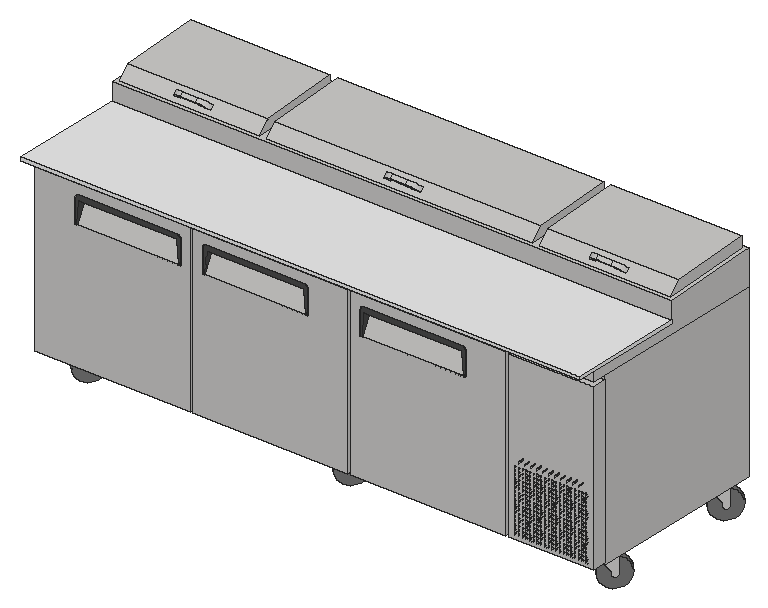
Revit family "QF_Turbo Air_TPR-93SD", category Specialty Equipment, Revit 2012 (continued)
Automatic sketch dimensions
  plane 28 "Handle Center Right Lid" to Extrusion 6 sketch curve = 0' - 0.82767"
  Extrusion 6 sketch curve to Extrusion 6 sketch curve = 0' - 0.11612"  (x9)
  Extrusion 6 sketch curve to Extrusion 6 sketch curve = 0' - 0.82322"  (x9)
  Extrusion 6 sketch curve to plane 20 "Right of Right Lid" = 0' - 0 1/4"  (x17)
  plane 16 "Bottom of Door" to Extrusion 6 sketch curve = 0' - 0 5/8"  (x2)
  Extrusion 6 sketch curve to Extrusion 6 sketch curve = 0' - 0.55806"  (x11)
  Extrusion 6 sketch curve to Extrusion 6 sketch curve = 0' - 0.53033"  (x10)
  Extrusion 12 sketch curve to Extrusion 12 sketch curve = 0' - 0"
  Extrusion 12 sketch curve to Extrusion 12 sketch curve = 0' - 0.6"
  Extrusion 12 sketch curve to Extrusion 12 sketch curve = 0' - 0 1/2"
  Extrusion 13 sketch curve to plane 24 "Right of Right Door" = 0' - 0"
  plane 8 "Left of Compressor" to Extrusion 13 sketch curve = 0' - 0 1/2"
  Extrusion 13 sketch curve to Extrusion 13 sketch curve = 0' - 0 1/2"  (x3)
  Extrusion 13 sketch curve to Extrusion 13 sketch curve = 0' - 0 3/4"
  plane 28 "Handle Center Right Lid" to Extrusion 13 sketch curve = 0' - 1 1/4"
  Extrusion 13 sketch curve to Extrusion 13 sketch curve = 0' - 0 1/4"
  Extrusion 13 sketch curve to Extrusion 13 sketch curve = 0' - 1"
  Extrusion 13 sketch curve to Extrusion 13 sketch curve = 0' - 0"
  Extrusion 13 sketch curve to Extrusion 13 sketch curve = 0' - 0.6"
  Extrusion 14 sketch curve to plane 11 "TOP" = 0' - 0"
  Extrusion 14 sketch curve to plane 7 "Front of Pans" = 0' - 0.71732"
  Extrusion 14 sketch curve to plane 23 "Handle Center FB" = 0' - 0.80381"
  plane 1 "BACK" to Extrusion 14 sketch curve = 0' - 0.54382"
  plane 22 "Handle Elevation" to Extrusion 14 sketch curve = 0' - 0.01689"
  plane 1 "BACK" to Extrusion 14 sketch curve = 0' - 0.43665"
  Extrusion 15 sketch curve to plane 7 "Front of Pans" = 0' - 0.71732"
  Extrusion 15 sketch curve to plane 12 "Door Clearance" = 0' - 1.14422"
  Extrusion 15 sketch curve to plane 23 "Handle Center FB" = 0' - 5.17831"
  Extrusion 15 sketch curve to plane 12 "Door Clearance" = 0' - 1.50017"
  Extrusion 15 sketch curve to Extrusion 15 sketch curve = 0' - 2.4036"
  plane 22 "Handle Elevation" to Extrusion 15 sketch curve = 0' - 0.07691"
  plane 22 "Handle Elevation" to Extrusion 15 sketch curve = 0' - 0.01689"
  plane 17 "Back Stops" to Extrusion 15 sketch curve = 0' - 0.05688"
  Extrusion 16 sketch curve to plane 21 "Handle Center of Left Lid" = 0' - 3"
  Extrusion 16 sketch curve to Extrusion 16 sketch curve = 0' - 1"  (x2)
  Extrusion 16 sketch curve to Extrusion 16 sketch curve = 0' - 0 1/2"  (x3)
  Extrusion 16 sketch curve to Extrusion 16 sketch curve = 0' - 0 3/4"
  plane 21 "Handle Center of Left Lid" to Extrusion 16 sketch curve = 0' - 1 1/4"
  Extrusion 16 sketch curve to Extrusion 16 sketch curve = 0' - 0 1/4"
  Extrusion 16 sketch curve to Extrusion 16 sketch curve = 0' - 0"
  Extrusion 16 sketch curve to Extrusion 16 sketch curve = 0' - 0.6"
  Extrusion 17 sketch curve to plane 11 "TOP" = 0' - 0"
  Extrusion 17 sketch curve to plane 7 "Front of Pans" = 0' - 0.71732"
  Extrusion 17 sketch curve to plane 23 "Handle Center FB" = 0' - 0.80381"
  Extrusion 17 sketch curve to plane 12 "Door Clearance" = 0' - 1.14422"
  Extrusion 17 sketch curve to plane 23 "Handle Center FB" = 0' - 5.17831"
  Extrusion 17 sketch curve to plane 12 "Door Clearance" = 0' - 1.50017"
  Extrusion 17 sketch curve to Extrusion 17 sketch curve = 0' - 2.4036"
  plane 22 "Handle Elevation" to Extrusion 17 sketch curve = 0' - 0.07691"
  plane 1 "BACK" to Extrusion 17 sketch curve = 0' - 0.5658"
  plane 1 "BACK" to Extrusion 17 sketch curve = 0' - 0.54382"
  plane 22 "Handle Elevation" to Extrusion 17 sketch curve = 0' - 0.01689"
  Extrusion 17 sketch curve to Extrusion 17 sketch curve = 0' - 0.12915"
  plane 17 "Back Stops" to Extrusion 17 sketch curve = 0' - 0.05688"
  Extrusion 18 sketch curve to plane 11 "TOP" = 0' - 0"
  Extrusion 18 sketch curve to plane 7 "Front of Pans" = 0' - 0.71732"
  Extrusion 18 sketch curve to plane 23 "Handle Center FB" = 0' - 0.80381"
  plane 1 "BACK" to Extrusion 18 sketch curve = 0' - 0.54382"
  plane 22 "Handle Elevation" to Extrusion 18 sketch curve = 0' - 0.01689"
  plane 1 "BACK" to Extrusion 18 sketch curve = 0' - 0.43665"
  Extrusion 19 sketch curve to plane 31 "Handle Center Middle Lid" = 0' - 3"
  Extrusion 19 sketch curve to Extrusion 19 sketch curve = 0' - 1"  (x2)
  Extrusion 19 sketch curve to Extrusion 19 sketch curve = 0' - 0 1/2"  (x3)
  Extrusion 19 sketch curve to Extrusion 19 sketch curve = 0' - 0 3/4"
  plane 31 "Handle Center Middle Lid" to Extrusion 19 sketch curve = 0' - 1 1/4"
  Extrusion 19 sketch curve to Extrusion 19 sketch curve = 0' - 0 1/4"
  Extrusion 19 sketch curve to Extrusion 19 sketch curve = 0' - 0"
  Extrusion 19 sketch curve to Extrusion 19 sketch curve = 0' - 0.6"
  Extrusion 20 sketch curve to plane 31 "Handle Center Middle Lid" = 0' - 3"
  Extrusion 20 sketch curve to Extrusion 20 sketch curve = 0' - 1"  (x2)
  Extrusion 20 sketch curve to Extrusion 20 sketch curve = 0' - 0 1/2"  (x3)
  Extrusion 20 sketch curve to Extrusion 20 sketch curve = 0' - 0 3/4"
  plane 31 "Handle Center Middle Lid" to Extrusion 20 sketch curve = 0' - 1 1/4"
  Extrusion 20 sketch curve to Extrusion 20 sketch curve = 0' - 0 1/4"
  Extrusion 20 sketch curve to Extrusion 20 sketch curve = 0' - 0"
  Extrusion 20 sketch curve to Extrusion 20 sketch curve = 0' - 0.6"
  Extrusion 21 sketch curve to plane 11 "TOP" = 0' - 0"
  Extrusion 21 sketch curve to plane 7 "Front of Pans" = 0' - 0.71732"
  Extrusion 21 sketch curve to plane 23 "Handle Center FB" = 0' - 0.80381"
  Extrusion 21 sketch curve to plane 12 "Door Clearance" = 0' - 1.14422"
  Extrusion 21 sketch curve to plane 23 "Handle Center FB" = 0' - 5.17831"
  Extrusion 21 sketch curve to plane 12 "Door Clearance" = 0' - 1.50017"
  Extrusion 21 sketch curve to Extrusion 21 sketch curve = 0' - 2.4036"
  plane 22 "Handle Elevation" to Extrusion 21 sketch curve = 0' - 0.07691"
  plane 1 "BACK" to Extrusion 21 sketch curve = 0' - 0.5658"
  plane 1 "BACK" to Extrusion 21 sketch curve = 0' - 0.54382"
  plane 22 "Handle Elevation" to Extrusion 21 sketch curve = 0' - 0.01689"
  Extrusion 21 sketch curve to Extrusion 21 sketch curve = 0' - 0.12915"
  plane 17 "Back Stops" to Extrusion 21 sketch curve = 0' - 0.05688"
  curve 160 to curve 260 = 0' - 0.52435"
  curve 260 to plane 7 "Front of Pans" = 0' - 0.71732"
  radius of Extrusion 9 sketch curve = 0' - 0 5/8"  (x2)
  radius of Extrusion 10 sketch curve = 0' - 0 1/4"
Nested families (in)
  nested 1: "QF_Turbo Air_TBL_Door-1" at (-5.61177, -30.4375, 6.125), type "QF_Turbo Air_TBL_Door-1"
    with Width 2' - 2", Symbolic Lines no, Height 2' - 3 7/16", Depth 0' - 1 13/16"
  nested 2: "FESCasterLeg" at (-17.97594, -3.1875, 0), Legs <- "Legs", Casters <- "Casters", Height <- "CasterLeg Height", type "FESCasterLeg"
    with Legs no, Height 0' - 5 7/8", Casters yes, Caster Radius 0' - 2 7/16"
  nested 3: "FESCasterLeg" at (-17.97594, -26.375, 0), Legs <- "Legs", Casters <- "Casters", Height <- "CasterLeg Height", type "FESCasterLeg"
    with Legs no, Height 0' - 5 7/8", Casters yes, Caster Radius 0' - 2 7/16"
  nested 4: "FESCasterLeg" at (69.77406, -3.1875, 0), Legs <- "Legs", Casters <- "Casters", Height <- "CasterLeg Height", type "FESCasterLeg"
    with Legs no, Height 0' - 5 7/8", Casters yes, Caster Radius 0' - 2 7/16"
  nested 5: "FESCasterLeg" at (69.77406, -26.375, 0), Legs <- "Legs", Casters <- "Casters", Height <- "CasterLeg Height", type "FESCasterLeg"
    with Legs no, Height 0' - 5 7/8", Casters yes, Caster Radius 0' - 2 7/16"
  nested 6: "QF_Turbo Air_TBL_Door-1" at (42.78489, -30.4375, 6.125) x (-1, 0, 0) z (0, 0, 1), type "QF_Turbo Air_TBL_Door-1"
    with Width 2' - 2", Symbolic Lines no, Height 2' - 3 7/16", Handle Width 1' - 5 5/8", Depth 0' - 1 13/16"
  nested 7: "QF_Turbo Air_TBL_Door-1" at (16.40989, -30.4375, 6.125) x (-1, 0, 0) z (0, 0, 1), type "QF_Turbo Air_TBL_Door-1"
    with Width 2' - 2", Symbolic Lines no, Height 2' - 3 7/16", Handle Width 1' - 5 5/8", Depth 0' - 1 13/16"
  nested 8: "FESCasterLeg" at (25.89906, -3.1875, 0), Legs <- "Legs", Casters <- "Casters", Height <- "CasterLeg Height", type "FESCasterLeg"
    with Legs no, Height 0' - 5 7/8", Casters yes, Caster Radius 0' - 2 7/16"
  nested 9: "FESCasterLeg" at (25.89906, -26.375, 0), Legs <- "Legs", Casters <- "Casters", Height <- "CasterLeg Height", type "FESCasterLeg"
    with Legs no, Height 0' - 5 7/8", Casters yes, Caster Radius 0' - 2 7/16"
Connectors (in)
  electrical at (65.52406, 0.0625, 12), driven by "Number of Poles", driven by "Volts", driven by "Apparent Power"
    settings: on Extrusion 10, index 1, voltage 115 V, apparent load 1265 VA, apparent load phase1 0 VA, apparent load phase2 0 VA, apparent load phase3 0 VA, power factor 1, load classification "Other", number of poles 1, system type 30, power factor state 1, is connector primary yes, connector utility no, sub classification motor no, connector description "Electric"
Definition of nested family "QF_Turbo Air_TBL_Door-1"
  Parameters (values of type "QF_Turbo Air_TBL_Door-1")
    Width [instance] = 2' - 5 5/16"
    Watermarked By = "http://revitwatermark.com"
    Symbolic Lines [instance] = yes
    Manufacturer = "Turbo Air"  # constant formula
    Height [instance] = 2' - 3 7/16"
    Handle Width [instance] = 1' - 5 5/8"
    Depth [instance] = 0' - 1 13/16"
  Reference planes (in)
    plane 1 "BACK": y = 0
    plane 2: z = 0
    plane 3 "LEFT": x = -15.17667
    plane 4: x = 14.13583
    plane 5 "FRONT": y = -1.8125
    plane 6: z = 27.4375
    plane 7 "Right of Handle": x = 12.51083
    plane 8 "Left of Handle": x = -5.11417
  Forms (in)
    Extrusion 1, solid, material "QF_Finishes_Black"
      sketch origin (-31.11417, 0, 15.01083) x (0, 0, -1) y (1, 0, 0)
        loop
          arc (-10.23917, 43.625) -> (-10.63691, 43.46025) -> (-10.80167, 43.0625) r 0.5625
          line (-10.80167, 43.0625) -> (-10.80167, 26.5625)
          arc (-10.80167, 26.5625) -> (-10.63691, 26.16475) -> (-10.23917, 26) r 0.5625
          line (-10.23917, 26) -> (-6.30167, 26) -> (-6.30167, 26.34375) -> (-9.98917, 26.66636) -> (-9.98917, 42.95864) -> (-6.30167, 43.28125) -> (-6.30167, 43.625) -> (-10.23917, 43.625)
      from 0 to 1.8125
    Extrusion 2, solid, material "QF_Finishes_Stainless Steel"
      sketch origin (-5.14542, 0, 15.01083) x (0, 1, 0) y (0, 0, 1)
        loop
          line (-1.8125, 6.30167) -> (0, 6.30167) -> (0, 9.98917) -> (-0.47036, 9.98917) -> (-1.8125, 6.30167)
      from 0.375 to 17.3125
    Extrusion 3, solid, material "QF_Finishes_Stainless Steel"
      sketch origin (0, 0, 0) x (1, 0, 0) y (0, 0, 1)
        loop
          line (-15.17667, 27.4375) -> (-15.17667, 0) -> (14.13583, 0) -> (14.13583, 27.4375) -> (-15.17667, 27.4375)
        loop
          arc (-4.55167, 25.8125) -> (-4.94941, 25.64775) -> (-5.11417, 25.25) r 0.5625
          line (-5.11417, 25.25) -> (-5.11417, 21.3125) -> (12.51083, 21.3125) -> (12.51083, 25.25)
          arc (12.51083, 25.25) -> (12.34608, 25.64775) -> (11.94833, 25.8125) r 0.5625
          line (11.94833, 25.8125) -> (-4.55167, 25.8125)
      from 0 to 1.8125
  Lines and regions (in)
    symbolic lines, visible <- "Symbolic Lines"
      curve 1: line (-15.17667, 0, 25.96875) -> (14.13583, 0, 25.96875)
      curve 2: line (-15.17667, -1.8125, 25.96875) -> (-15.17667, 0, 25.96875)
      curve 3: line (14.13583, -1.8125, 25.96875) -> (-15.17667, -1.8125, 25.96875)
      curve 4: line (14.13583, 0, 25.96875) -> (14.13583, -1.8125, 25.96875)
  Dimensions and locks (in)
    "Width": plane 4 to plane 3 "LEFT"
    "Depth": plane 5 "FRONT" to plane 1 "BACK"
    "Height": plane 6 to plane 2
    locked: Extrusion 3 sketch curve to Extrusion 3 sketch curve at 4.5
    locked: plane 6 to Extrusion 3 sketch curve at 1.625
    locked: plane 6 to Extrusion 1 sketch curve at 1.625
    locked: Extrusion 1 sketch curve to Extrusion 1 sketch curve at 0.8125
    locked: Extrusion 1 sketch curve to Extrusion 1 sketch curve at 4.5  (x2)
    locked: plane 6 to Extrusion 2 sketch curve at 2.4375
    locked: Extrusion 2 sketch curve to Extrusion 2 sketch curve at 3.6875
    locked: Extrusion 2 sketch curve to plane 5 "FRONT" at 1.34214
    locked: plane 7 "Right of Handle" to plane 4 at 1.625
    "Handle Width": plane 8 "Left of Handle" to plane 7 "Right of Handle"
    locked: Extrusion 1 sketch curve to plane 8 "Left of Handle" at 0.34375
    locked: Extrusion 1 sketch curve to plane 8 "Left of Handle" at 0.66636
    locked: Extrusion 1 sketch curve to plane 8 "Left of Handle" at 0.5625
    locked: plane 7 "Right of Handle" to Extrusion 1 sketch curve at 0.34375
    locked: plane 7 "Right of Handle" to Extrusion 1 sketch curve at 0.66636
    locked: plane 7 "Right of Handle" to Extrusion 1 sketch curve at 0.5625
    locked: plane 8 "Left of Handle" to Extrusion 2 at 0.34375
    locked: plane 7 "Right of Handle" to Extrusion 2 at 0.34375
    aligned and locked: level to plane 2
    aligned and locked: Extrusion 3 sketch curve to plane 6
    aligned and locked: plane 3 "LEFT" to Extrusion 3 sketch curve
    aligned and locked: level to Extrusion 3 sketch curve
    aligned and locked: Extrusion 3 sketch curve to plane 4
    aligned and locked: plane 5 "FRONT" to Extrusion 3
    aligned and locked: Extrusion 2 sketch curve to plane 1 "BACK"
    aligned and locked: plane 1 "BACK" to curve 1
    aligned and locked: plane 3 "LEFT" to curve 2
    aligned and locked: curve 3 to plane 5 "FRONT"
    aligned and locked: curve 4 to plane 4
    aligned and locked: Extrusion 3 sketch curve to plane 7 "Right of Handle"
    aligned and locked: Extrusion 3 sketch curve to plane 8 "Left of Handle"
    aligned and locked: Extrusion 1 sketch curve to plane 7 "Right of Handle"
    aligned and locked: plane 8 "Left of Handle" to Extrusion 1 sketch curve
  Automatic sketch dimensions
    Extrusion 3 sketch curve to Extrusion 3 sketch curve = 0' - 0 9/16"  (x2)
    Extrusion 2 sketch curve to plane 5 "FRONT" = 0' - 0"
Definition of nested family "FESCasterLeg"
  Parameters (values of type "FESCasterLeg")
    Watermarked By = "http://revitwatermark.com"
    Type Comments = "⍁⍉⌁⌀⏭⎽⌇⍠⌜⍉⎖⌥⌦⌯⍭⏊⍻⍿⍊⏵⍊⏗⏠⍴⎡⌈⎀⍠⌓⌤⏘⎐⍀⌐⏬⏁⎈⏍⏦⎒⏬⌝⍩⍇⌣〈⎫〉⎁⏊⍥⍖⍥⍝⍦⌖⍀⏌⏭⎝⎼⏷⏞⍻⏯⎽⏷⏞⍻⏯⎽⏷⎺⌻⎝⍎⌧⏷⏟⏿⌿⍜⍦⍤⌁⍬⏶⏎⍊⏚⏉⎞⌡⎀⎪⏈⌟⌿⍾⍼⌟⌿⌢⌞⏜⏝⎽⍷⍷⍯⍧⍷⌯⍽⏸⏨⏾⏎⌣⏺⍹⏼⏅⎏⌽⎫⎪⍙⎓⏗⎗⏅⌴⍏⍏⍿⏑⎺⍘⌭⏲⍥⎛⎾⎾⍞⍌⎪⎲⌙⎥⏏⎟⎟⏼⏘⎏⎝⏧⏍⏁⍏⍧⏯⏾⌟"
    Legs [instance] = yes
    Height [instance] = 0' - 6"
    Caster Radius [instance] = if(Height < 0' 3", 0' 1", (Height / 2) - 0' 0 1/2")  # 0' - 2 1/2"
    Casters [instance] = yes
    Assembly Code = ""
  Reference planes (in)
    plane 1 "Center (Front/Back)": y = 0
    plane 2: z = 0
    plane 3 "Center (Left/Right)": x = 0
    plane 4: z = 6
    plane 5: z = 5.5
  Forms (in)
    Extrusion 1, solid, material "QF_Finishes_Stainless Steel", visible <- "Casters"
      sketch origin (-24.12131, -22.88887, 10.18833) x (0.707107, 0.707107, 0) y (0, 0, 1)
        loop
          line (34.98772, -7.68833) -> (34.98772, -4.93833) -> (34.48772, -4.93833) -> (34.39402, -4.68833) -> (32.39402, -4.68833) -> (32.39402, -5.43833) -> (33.98772, -7.34206) -> (33.98772, -7.68833)
          arc (33.98772, -7.68833) -> (34.48772, -8.18833) -> (34.98772, -7.68833) r 0.5
      from 0 to 1.75
    Extrusion 2, solid, material "QF_Finishes_Rubber Black", visible <- "Casters"
      sketch origin (-24.32327, -23.09083, 13.31461) x (0.707107, 0.707107, 0) y (0, 0, 1)
        loop
          circle (34.77334, -10.81461) r 2.5
      from 0.375 to 1.375
    Extrusion 3, solid, material "QF_Finishes_Stainless Steel", visible <- "Casters"
      sketch origin (-7.24148, -8.48391, 0) x (0.707107, 0.707107, 0) y (0, 0, 1)
        loop
          line (10.61603, 5.5) -> (11.61603, 5.5) -> (11.61603, 6) -> (10.61603, 6) -> (10.61603, 5.5)
      from 0 to -1.75
    Blend 4, solid, material "QF_Finishes_Stainless Steel", visible <- "Legs"
      base sketch origin (0, 0, 0) x (1, 0, 0) y (0, 1, 0)
        loop
          circle (0, 0) r 0.5
      top sketch origin (0, 0, 0) x (1, 0, 0) y (0, 1, 0)
        loop
          circle (0, 0) r 1
      from 0 to 6 <- "Height"
  Lines and regions (in)
    symbolic lines, style "QF_Hidden Details", visible <- "Casters", built-in parameter 1006206 <- "Casters"
      curve 1: line (-1.26158, -0.51911, 0) -> (1.39007, 2.13254, 0)
      curve 2: line (-0.53429, -1.24639, 0) -> (2.11736, 1.40526, 0)
    symbolic lines, style "QF_Hidden Details", built-in parameter 1006206 <- "Casters", visible <- "Casters"
      curve 3: line (-1.26158, -0.51911, 0) -> (1.39007, 2.13254, 0)
      curve 4: line (-0.53429, -1.24639, 0) -> (2.11736, 1.40526, 0)
  Dimensions and locks (in)
    locked: plane 4 to plane 5 at 0.5
    "Height": plane 4 to level
    "Caster Radius": Extrusion 2 sketch curve to level
    "Caster Radius": Extrusion 1 sketch curve to level
    "Caster Radius": radius of Extrusion 2 sketch curve
    aligned and locked: plane 2 to level
    aligned: Blend 4 to Extrusion 3
    aligned and locked: plane 4 to Blend 4
    aligned and locked: Extrusion 3 to plane 5
    aligned and locked: plane 4 to Extrusion 3
    aligned and locked: plane 5 to Extrusion 1
  Automatic sketch dimensions
    plane 1 "Center (Front/Back)" to curve 3 = 0' - 0.51911"
    curve 3 to plane 3 "Center (Left/Right)" = 0' - 1.26158"
    plane 1 "Center (Front/Back)" to curve 1 = 0' - 0.51911"
    curve 1 to curve 3 = 0' - 0"  (x3)
    curve 4 to plane 3 "Center (Left/Right)" = 0' - 0.53429"
    curve 2 to curve 4 = 0' - 0"  (x2)
    plane 3 "Center (Left/Right)" to curve 3 = 0' - 1.39007"
    curve 1 to curve 4 = 0' - 0.72729"
    curve 2 to curve 1 = 0' - 0.72729"
    curve 4 to curve 2 = 0' - 0"  (x2)
    curve 2 to plane 1 "Center (Front/Back)" = 0' - 1.40526"
    curve 2 to curve 3 = 0' - 0.72729"
    plane 5 to Extrusion 1 sketch curve = 0' - 0"
    Extrusion 1 sketch curve to Extrusion 1 sketch curve = 0' - 1.5937"
    Extrusion 1 sketch curve to Extrusion 1 sketch curve = 0' - 2"
    Extrusion 1 sketch curve to Extrusion 1 sketch curve = 0' - 0.0937"
    Extrusion 1 sketch curve to Extrusion 1 sketch curve = 0' - 0 1/2"
    Extrusion 1 sketch curve to Extrusion 1 sketch curve = 0' - 0.34627"
    Extrusion 1 sketch curve to plane 5 = 0' - 0 3/4"
    Extrusion 1 sketch curve to plane 5 = 0' - 0 1/4"
    Extrusion 3 sketch curve to plane 5 = 0' - 0"
    plane 4 to Extrusion 3 sketch curve = 0' - 0"
    Extrusion 3 sketch curve to Extrusion 3 sketch curve = 0' - 1"
    plane 1 "Center (Front/Back)" to Blend 4 sketch curve = 0' - 0"  (x2)
    Blend 4 sketch curve to plane 3 "Center (Left/Right)" = 0' - 0"  (x2)
    radius of Blend 4 sketch curve = 0' - 0 1/2"
    radius of Blend 4 sketch curve = 0' - 1"
